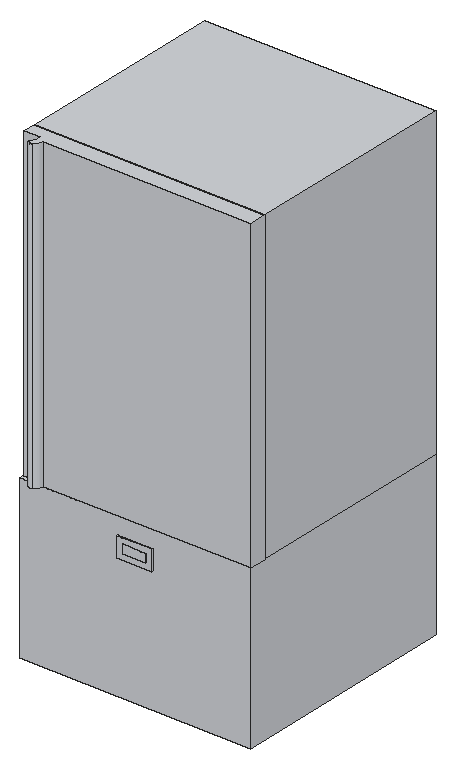
Revit family "Шкафы шоковой заморозки", category Оборудование, Revit 2020 (continued)
Automatic sketch dimensions
  curve 2334 to curve 2328 = 14.142 mm
  curve 2292 to curve 2286 = 14.142 mm
  curve 2304 to curve 2298 = 14.142 mm
  curve 2328 to curve 2322 = 14.142 mm
  curve 2304 to curve 2303 = 0.858 mm
  curve 2346 to curve 2345 = 0.858 mm
  curve 1659 to curve 2316 = 18.302 mm
  curve 2352 to curve 2351 = 0.858 mm
  curve 2388 to curve 2387 = 0.858 mm
  curve 2292 to curve 2291 = 0.858 mm
  curve 2310 to curve 2309 = 0.858 mm
  curve 2256 to curve 2255 = 0.858 mm
  curve 2280 to curve 2279 = 0.858 mm
  curve 2274 to curve 2268 = 14.142 mm
  curve 2358 to curve 2357 = 0.858 mm
  curve 2262 to curve 2261 = 0.858 mm
  curve 2364 to curve 2363 = 0.858 mm
  curve 2334 to curve 2333 = 0.858 mm
  curve 2394 to curve 1660 = 14.142 mm
  curve 1660 to curve 2394 = 4.16 mm
  curve 2376 to curve 2370 = 0 mm
  curve 2394 to curve 2393 = 0.858 mm
  Extrusion 10 sketch curve to plane 5 = 0 mm
  Extrusion 10 sketch curve to plane 9 = 0 mm
  Extrusion 10 sketch curve to plane 10 = 0 mm
  plane 4 to Extrusion 10 sketch curve = 77.505 mm
  plane 9 to Extrusion 10 sketch curve = 1.661 mm
  Extrusion 10 sketch curve to Extrusion 10 sketch curve = 28.977 mm
  Extrusion 10 sketch curve to plane 15 = 20 mm
  Extrusion 10 sketch curve to Extrusion 10 sketch curve = 5.907 mm
  Extrusion 10 sketch curve to Extrusion 10 sketch curve = 7.389 mm
  Extrusion 10 sketch curve to Extrusion 10 sketch curve = 9.093 mm
  plane 9 to Extrusion 10 sketch curve = 8 mm
  Extrusion 10 sketch curve to Extrusion 10 sketch curve = 21.778 mm
  Extrusion 10 sketch curve to Extrusion 10 sketch curve = 6.472 mm
  Extrusion 10 sketch curve to plane 4 = 0 mm
  curve 760 to Extrusion 2 = 37.264 mm
  curve 761 to curve 762 = 130.615 mm
  Extrusion 2 to curve 761 = 135.284 mm
  Extrusion 2 to curve 759 = 71.801 mm
  curve 646 to Extrusion 2 = 41.666 mm
  curve 760 to curve 686 = 4.402 mm
  curve 718 to Extrusion 2 = 41.666 mm
  curve 761 to curve 606 = 4.402 mm
  curve 750 to Extrusion 2 = 41.666 mm
  curve 734 to Extrusion 2 = 41.666 mm
  curve 646 to curve 638 = 0 mm
  curve 638 to curve 630 = 0 mm
  curve 670 to Extrusion 2 = 41.666 mm
  curve 654 to curve 646 = 0 mm
  curve 678 to curve 670 = 0 mm
  curve 686 to curve 694 = 0 mm
  curve 614 to curve 606 = 0 mm
  curve 694 to curve 702 = 0 mm
  curve 758 to curve 678 = 0 mm
  curve 662 to curve 654 = 0 mm
  curve 734 to curve 742 = 0 mm
  curve 718 to curve 726 = 0 mm
  curve 702 to curve 710 = 0 mm
  curve 622 to curve 614 = 0 mm
  curve 702 to curve 701 = 15 mm
  curve 622 to curve 621 = 15 mm
  curve 726 to curve 725 = 15 mm
  curve 614 to curve 613 = 15 mm
  curve 758 to curve 757 = 15 mm
  curve 694 to curve 693 = 15 mm
  curve 734 to curve 733 = 15 mm
  curve 630 to curve 629 = 15 mm
  curve 670 to curve 669 = 15 mm
  curve 654 to curve 653 = 15 mm
  curve 606 to curve 605 = 15 mm  (x2)
  curve 718 to curve 717 = 15 mm
  curve 750 to curve 749 = 15 mm
  curve 710 to curve 709 = 15 mm
  curve 638 to curve 637 = 15 mm
  curve 757 to curve 677 = 0 mm
  curve 646 to curve 645 = 15 mm
  curve 686 to curve 685 = 15 mm  (x2)
  curve 742 to curve 741 = 15 mm
  curve 662 to curve 661 = 15 mm
  curve 653 to curve 662 = 6.213 mm
  curve 733 to curve 742 = 6.213 mm
  curve 685 to curve 686 = 6.213 mm
  curve 637 to curve 646 = 6.213 mm
  curve 629 to curve 638 = 6.213 mm
  curve 701 to curve 710 = 6.213 mm
  curve 669 to curve 678 = 6.213 mm
  curve 709 to curve 718 = 6.213 mm
  curve 741 to curve 750 = 6.213 mm
  curve 605 to curve 606 = 6.213 mm
  curve 725 to curve 734 = 6.213 mm
  curve 645 to curve 654 = 6.213 mm
  curve 621 to curve 630 = 6.213 mm
  curve 661 to curve 670 = 6.213 mm
  curve 685 to curve 694 = 6.213 mm
  curve 605 to curve 614 = 6.213 mm
  curve 693 to curve 702 = 6.213 mm
  curve 613 to curve 622 = 6.213 mm
  curve 749 to curve 758 = 6.213 mm
  curve 717 to curve 726 = 6.213 mm
  curve 630 to curve 620 = 8.787 mm
  curve 670 to curve 660 = 8.787 mm
  curve 710 to curve 700 = 8.787 mm
  curve 622 to curve 612 = 8.787 mm
  curve 757 to curve 756 = 15 mm
  curve 734 to curve 724 = 8.787 mm
  curve 678 to curve 668 = 8.787 mm
  curve 742 to curve 732 = 8.787 mm
  curve 638 to curve 628 = 8.787 mm
  curve 702 to curve 692 = 8.787 mm
  curve 662 to curve 652 = 8.787 mm
  curve 718 to curve 708 = 8.787 mm
  curve 614 to curve 604 = 8.787 mm
  curve 756 to curve 676 = 0 mm
  curve 758 to curve 748 = 8.787 mm
  curve 646 to curve 636 = 8.787 mm
  curve 726 to curve 716 = 8.787 mm
  curve 750 to curve 740 = 8.787 mm
  curve 654 to curve 644 = 8.787 mm
  curve 694 to curve 684 = 8.787 mm
  curve 732 to curve 741 = 6.213 mm
  curve 716 to curve 725 = 6.213 mm
  curve 708 to curve 717 = 6.213 mm
  curve 668 to curve 677 = 6.213 mm
  curve 628 to curve 637 = 6.213 mm
  curve 612 to curve 621 = 6.213 mm
  curve 636 to curve 645 = 6.213 mm
  curve 740 to curve 749 = 6.213 mm
  curve 684 to curve 693 = 6.213 mm
  curve 660 to curve 669 = 6.213 mm
  curve 700 to curve 709 = 6.213 mm
  curve 604 to curve 613 = 6.213 mm
  curve 748 to curve 757 = 6.213 mm
  curve 652 to curve 661 = 6.213 mm
  curve 724 to curve 733 = 6.213 mm
  curve 692 to curve 701 = 6.213 mm
  curve 644 to curve 653 = 6.213 mm
  curve 620 to curve 629 = 6.213 mm
  curve 621 to curve 611 = 8.787 mm
  curve 669 to curve 659 = 8.787 mm
  curve 709 to curve 699 = 8.787 mm
  curve 741 to curve 731 = 8.787 mm
  curve 661 to curve 651 = 8.787 mm
  curve 717 to curve 707 = 8.787 mm
  curve 756 to curve 755 = 15 mm
  curve 677 to curve 667 = 8.787 mm
  curve 613 to curve 603 = 8.787 mm
  curve 701 to curve 691 = 8.787 mm
  curve 653 to curve 643 = 8.787 mm
  curve 629 to curve 619 = 8.787 mm
  curve 757 to curve 747 = 8.787 mm
  curve 725 to curve 715 = 8.787 mm
  curve 755 to curve 675 = 0 mm
  curve 749 to curve 739 = 8.787 mm
  curve 645 to curve 635 = 8.787 mm
  curve 693 to curve 683 = 8.787 mm
  curve 733 to curve 723 = 8.787 mm
  curve 637 to curve 627 = 8.787 mm
  curve 715 to curve 724 = 6.213 mm
  curve 627 to curve 636 = 6.213 mm
  curve 707 to curve 716 = 6.213 mm
  curve 611 to curve 620 = 6.213 mm
  curve 635 to curve 644 = 6.213 mm
  curve 699 to curve 708 = 6.213 mm
  curve 603 to curve 612 = 6.213 mm
  curve 747 to curve 756 = 6.213 mm
  curve 643 to curve 652 = 6.213 mm
  curve 723 to curve 732 = 6.213 mm
  curve 651 to curve 660 = 6.213 mm
  curve 691 to curve 700 = 6.213 mm
  curve 659 to curve 668 = 6.213 mm
  curve 605 to curve 604 = 15 mm
  curve 683 to curve 692 = 6.213 mm
  curve 739 to curve 748 = 6.213 mm
  curve 667 to curve 676 = 6.213 mm
  curve 731 to curve 740 = 6.213 mm
  curve 685 to curve 684 = 15 mm
  curve 619 to curve 628 = 6.213 mm
  curve 612 to curve 602 = 8.787 mm
  curve 716 to curve 706 = 8.787 mm
  curve 756 to curve 746 = 8.787 mm
  curve 700 to curve 690 = 8.787 mm
  curve 748 to curve 738 = 8.787 mm
  curve 620 to curve 610 = 8.787 mm
  curve 628 to curve 618 = 8.787 mm
  curve 692 to curve 682 = 8.787 mm
  curve 636 to curve 626 = 8.787 mm
  curve 675 to curve 674 = 15 mm
  curve 724 to curve 714 = 8.787 mm
  curve 754 to curve 674 = 0 mm
  curve 676 to curve 666 = 8.787 mm
  curve 740 to curve 730 = 8.787 mm
  curve 644 to curve 634 = 8.787 mm
  curve 652 to curve 642 = 8.787 mm
  curve 668 to curve 658 = 8.787 mm
  curve 732 to curve 722 = 8.787 mm
  curve 660 to curve 650 = 8.787 mm
  curve 708 to curve 698 = 8.787 mm
  curve 714 to curve 723 = 6.213 mm
  curve 634 to curve 643 = 6.213 mm
  curve 650 to curve 659 = 6.213 mm
  curve 626 to curve 635 = 6.213 mm
  curve 722 to curve 731 = 6.213 mm
  curve 746 to curve 755 = 6.213 mm
  curve 658 to curve 667 = 6.213 mm
  curve 706 to curve 715 = 6.213 mm
  curve 618 to curve 627 = 6.213 mm
  curve 666 to curve 675 = 6.213 mm
  curve 610 to curve 619 = 6.213 mm
  curve 684 to curve 683 = 15 mm
  curve 602 to curve 611 = 6.213 mm
  curve 738 to curve 747 = 6.213 mm
  curve 698 to curve 707 = 6.213 mm
  curve 604 to curve 603 = 15 mm
  curve 682 to curve 691 = 6.213 mm
  curve 642 to curve 651 = 6.213 mm
  curve 690 to curve 699 = 6.213 mm
  curve 730 to curve 739 = 6.213 mm
  curve 723 to curve 713 = 8.787 mm
  curve 715 to curve 705 = 8.787 mm
  curve 675 to curve 665 = 8.787 mm
  curve 611 to curve 601 = 8.787 mm
  curve 755 to curve 745 = 8.787 mm
  curve 674 to curve 673 = 15 mm
  curve 619 to curve 609 = 8.787 mm
  curve 747 to curve 737 = 8.787 mm
  curve 667 to curve 657 = 8.787 mm
  curve 707 to curve 697 = 8.787 mm
  curve 627 to curve 617 = 8.787 mm
  curve 731 to curve 721 = 8.787 mm
  curve 635 to curve 625 = 8.787 mm
  curve 659 to curve 649 = 8.787 mm
  curve 691 to curve 681 = 8.787 mm
  curve 753 to curve 673 = 0 mm
  curve 643 to curve 633 = 8.787 mm
  curve 651 to curve 641 = 8.787 mm
  curve 699 to curve 689 = 8.787 mm
  curve 739 to curve 729 = 8.787 mm
  curve 721 to curve 730 = 6.213 mm
  curve 745 to curve 754 = 6.213 mm
  curve 681 to curve 690 = 6.213 mm
  curve 697 to curve 706 = 6.213 mm
  curve 633 to curve 642 = 6.213 mm
  curve 683 to curve 682 = 15 mm
  curve 617 to curve 626 = 6.213 mm
  curve 641 to curve 650 = 6.213 mm
  curve 713 to curve 722 = 6.213 mm
  curve 609 to curve 618 = 6.213 mm
  curve 689 to curve 698 = 6.213 mm
  curve 729 to curve 738 = 6.213 mm
  curve 649 to curve 658 = 6.213 mm
  curve 601 to curve 610 = 6.213 mm
  curve 665 to curve 674 = 6.213 mm
  curve 737 to curve 746 = 6.213 mm
  curve 603 to curve 602 = 15 mm
  curve 657 to curve 666 = 6.213 mm
  curve 705 to curve 714 = 6.213 mm
  curve 625 to curve 634 = 6.213 mm
  curve 738 to curve 728 = 8.787 mm
  curve 618 to curve 608 = 8.787 mm
  curve 650 to curve 640 = 8.787 mm
  curve 610 to curve 600 = 8.787 mm
  curve 730 to curve 720 = 8.787 mm
  curve 698 to curve 688 = 8.787 mm
  curve 746 to curve 736 = 8.787 mm
  curve 673 to curve 672 = 15 mm
  curve 722 to curve 712 = 8.787 mm
  curve 674 to curve 664 = 8.787 mm
  curve 706 to curve 696 = 8.787 mm
  curve 642 to curve 632 = 8.787 mm
  curve 626 to curve 616 = 8.787 mm
  curve 658 to curve 648 = 8.787 mm
  curve 690 to curve 680 = 8.787 mm
  curve 752 to curve 672 = 0 mm
  curve 634 to curve 624 = 8.787 mm
  curve 714 to curve 704 = 8.787 mm
  curve 666 to curve 656 = 8.787 mm
  curve 754 to curve 744 = 8.787 mm
  curve 616 to curve 625 = 6.213 mm
  curve 696 to curve 705 = 6.213 mm
  curve 744 to curve 753 = 6.213 mm
  curve 712 to curve 721 = 6.213 mm
  curve 736 to curve 745 = 6.213 mm
  curve 682 to curve 681 = 15 mm
  curve 640 to curve 649 = 6.213 mm
  curve 608 to curve 617 = 6.213 mm
  curve 664 to curve 673 = 6.213 mm
  curve 624 to curve 633 = 6.213 mm
  curve 704 to curve 713 = 6.213 mm
  curve 656 to curve 665 = 6.213 mm
  curve 688 to curve 697 = 6.213 mm
  curve 680 to curve 689 = 6.213 mm
  curve 602 to curve 601 = 15 mm
  curve 728 to curve 737 = 6.213 mm
  curve 632 to curve 641 = 6.213 mm
  curve 600 to curve 609 = 6.213 mm
  curve 648 to curve 657 = 6.213 mm
  curve 720 to curve 729 = 6.213 mm
  curve 633 to curve 623 = 8.787 mm
  curve 672 to curve 671 = 15 mm
  curve 649 to curve 639 = 8.787 mm
  curve 697 to curve 687 = 8.787 mm
  curve 609 to curve 599 = 8.787 mm
  curve 729 to curve 719 = 8.787 mm
  curve 737 to curve 727 = 8.787 mm
  curve 753 to curve 743 = 8.787 mm
  curve 657 to curve 647 = 8.787 mm
  curve 721 to curve 711 = 8.787 mm
  curve 673 to curve 663 = 8.787 mm
  curve 641 to curve 631 = 8.787 mm
  curve 625 to curve 615 = 8.787 mm
  curve 713 to curve 703 = 8.787 mm
  curve 705 to curve 695 = 8.787 mm
  curve 745 to curve 735 = 8.787 mm
  curve 689 to curve 679 = 8.787 mm
  curve 617 to curve 607 = 8.787 mm
  curve 751 to curve 671 = 0 mm
  curve 665 to curve 655 = 8.787 mm
  curve 615 to curve 624 = 6.213 mm
  curve 647 to curve 656 = 6.213 mm
  curve 743 to curve 752 = 6.213 mm
  curve 680 to curve 679 = 15 mm
  curve 727 to curve 736 = 6.213 mm
  curve 639 to curve 648 = 6.213 mm
  curve 687 to curve 696 = 6.213 mm
  curve 607 to curve 616 = 6.213 mm
  curve 695 to curve 704 = 6.213 mm
  curve 623 to curve 632 = 6.213 mm
  curve 735 to curve 744 = 6.213 mm
  curve 655 to curve 664 = 6.213 mm
  curve 679 to curve 688 = 6.213 mm
  curve 719 to curve 728 = 6.213 mm
  curve 703 to curve 712 = 6.213 mm
  curve 711 to curve 720 = 6.213 mm
  curve 601 to curve 600 = 15 mm
  curve 599 to curve 608 = 6.213 mm
  curve 631 to curve 640 = 6.213 mm
  curve 663 to curve 672 = 6.213 mm
  curve 759 to curve 599 = 0 mm
  curve 605 to curve 761 = 1.811 mm
  curve 602 to curve 605 = 0 mm
  curve 603 to curve 602 = 0 mm
  curve 601 to curve 602 = 0 mm
  curve 606 to curve 605 = 0 mm  (x2)
  curve 600 to curve 601 = 0 mm
  curve 604 to curve 603 = 0 mm
  curve 599 to curve 759 = 1.811 mm
  curve 605 to curve 604 = 21.213 mm
  curve 605 to curve 604 = 0 mm
  curve 603 to curve 604 = 0 mm
  curve 601 to curve 600 = 21.213 mm
  curve 601 to curve 600 = 0 mm
  curve 599 to curve 600 = 0 mm
  curve 602 to curve 601 = 0 mm
  curve 600 to curve 609 = 8.787 mm
  curve 599 to curve 608 = 8.787 mm
  curve 601 to curve 610 = 8.787 mm
  curve 607 to curve 608 = 0 mm  (x2)
  curve 602 to curve 611 = 8.787 mm
  curve 605 to curve 614 = 8.787 mm
  curve 603 to curve 612 = 8.787 mm
  curve 604 to curve 613 = 8.787 mm
  curve 613 to curve 612 = 21.213 mm
  curve 613 to curve 612 = 0 mm
  curve 611 to curve 612 = 0 mm
  curve 614 to curve 613 = 0 mm
  curve 610 to curve 611 = 0 mm
  curve 609 to curve 608 = 21.213 mm
  curve 609 to curve 610 = 0 mm
  curve 608 to curve 617 = 8.787 mm
  curve 607 to curve 616 = 8.787 mm
  curve 609 to curve 618 = 8.787 mm
  curve 613 to curve 622 = 8.787 mm
  curve 610 to curve 619 = 8.787 mm
  curve 612 to curve 621 = 8.787 mm
  curve 611 to curve 620 = 8.787 mm
  curve 615 to curve 616 = 0 mm  (x2)
  curve 622 to curve 621 = 21.213 mm
  curve 619 to curve 618 = 21.213 mm
  curve 622 to curve 621 = 0 mm
  curve 617 to curve 618 = 0 mm
  curve 616 to curve 617 = 0 mm
  curve 620 to curve 621 = 0 mm
  curve 619 to curve 620 = 0 mm
  curve 616 to curve 625 = 8.787 mm
  curve 615 to curve 624 = 8.787 mm
  curve 617 to curve 626 = 8.787 mm
  curve 621 to curve 630 = 8.787 mm
  curve 618 to curve 627 = 8.787 mm
  curve 620 to curve 629 = 8.787 mm
  curve 619 to curve 628 = 8.787 mm
  curve 623 to curve 624 = 0 mm  (x2)
  curve 630 to curve 629 = 21.213 mm
  curve 627 to curve 626 = 21.213 mm
  curve 630 to curve 629 = 0 mm
  curve 625 to curve 626 = 0 mm
  curve 628 to curve 629 = 0 mm
  curve 627 to curve 628 = 0 mm
  curve 624 to curve 625 = 0 mm
  curve 623 to curve 631 = 8.787 mm
  curve 623 to curve 632 = 8.787 mm
  curve 625 to curve 634 = 8.787 mm
  curve 629 to curve 638 = 8.787 mm
  curve 626 to curve 635 = 8.787 mm
  curve 628 to curve 637 = 8.787 mm
  curve 627 to curve 636 = 8.787 mm
  curve 624 to curve 633 = 8.787 mm
  curve 636 to curve 635 = 21.213 mm
  curve 638 to curve 637 = 21.213 mm
  curve 634 to curve 635 = 0 mm
  curve 638 to curve 637 = 0 mm
  curve 632 to curve 631 = 21.213 mm
  curve 632 to curve 631 = 0 mm
  curve 633 to curve 634 = 0 mm
  curve 636 to curve 635 = 0 mm
  curve 632 to curve 641 = 8.787 mm
  curve 631 to curve 639 = 8.787 mm
  curve 633 to curve 642 = 8.787 mm
  curve 637 to curve 646 = 8.787 mm
  curve 634 to curve 643 = 8.787 mm
  curve 636 to curve 645 = 8.787 mm
  curve 635 to curve 644 = 8.787 mm
  curve 631 to curve 640 = 8.787 mm
  curve 646 to curve 645 = 21.213 mm
  curve 643 to curve 642 = 21.213 mm
  curve 641 to curve 640 = 21.213 mm
  curve 641 to curve 642 = 0 mm
  curve 639 to curve 640 = 0 mm
  curve 644 to curve 645 = 0 mm
  curve 643 to curve 644 = 0 mm
  curve 646 to curve 645 = 0 mm
  curve 644 to curve 653 = 8.787 mm
  curve 639 to curve 647 = 8.787 mm
  curve 641 to curve 650 = 8.787 mm
  curve 639 to curve 648 = 8.787 mm
  curve 642 to curve 651 = 8.787 mm
  curve 645 to curve 654 = 8.787 mm
  curve 643 to curve 652 = 8.787 mm
  curve 640 to curve 649 = 8.787 mm
  curve 654 to curve 653 = 21.213 mm
  curve 652 to curve 651 = 21.213 mm
  curve 654 to curve 653 = 0 mm
  curve 650 to curve 651 = 0 mm
  curve 648 to curve 647 = 21.213 mm
  curve 649 to curve 650 = 0 mm
  curve 648 to curve 647 = 0 mm
  curve 652 to curve 651 = 0 mm
  curve 648 to curve 657 = 8.787 mm
  curve 647 to curve 656 = 8.787 mm
  curve 649 to curve 658 = 8.787 mm
  curve 653 to curve 662 = 8.787 mm
  curve 650 to curve 659 = 8.787 mm
  curve 652 to curve 661 = 8.787 mm
  curve 651 to curve 660 = 8.787 mm
  curve 655 to curve 656 = 0 mm  (x2)
  curve 662 to curve 661 = 21.213 mm
  curve 659 to curve 658 = 21.213 mm
  curve 662 to curve 661 = 0 mm
  curve 657 to curve 658 = 0 mm
  curve 660 to curve 661 = 0 mm
  curve 659 to curve 660 = 0 mm
  curve 656 to curve 657 = 0 mm
  curve 656 to curve 665 = 8.787 mm
  curve 655 to curve 663 = 8.787 mm
  curve 657 to curve 666 = 8.787 mm
  curve 655 to curve 664 = 8.787 mm
  curve 658 to curve 667 = 8.787 mm
  curve 660 to curve 669 = 8.787 mm
  curve 659 to curve 668 = 8.787 mm
  curve 661 to curve 670 = 8.787 mm
  curve 665 to curve 664 = 21.213 mm
  curve 670 to curve 669 = 21.213 mm
  curve 668 to curve 669 = 0 mm
  curve 670 to curve 669 = 0 mm
  curve 667 to curve 668 = 0 mm
  curve 665 to curve 664 = 0 mm
  curve 663 to curve 664 = 0 mm
  curve 666 to curve 665 = 0 mm
  curve 663 to curve 671 = 8.787 mm
  curve 663 to curve 672 = 8.787 mm
  curve 665 to curve 674 = 8.787 mm
  curve 669 to curve 678 = 8.787 mm
  curve 666 to curve 675 = 8.787 mm
  curve 668 to curve 677 = 8.787 mm
  curve 667 to curve 676 = 8.787 mm
  curve 664 to curve 673 = 8.787 mm
  curve 676 to curve 675 = 21.213 mm
  curve 678 to curve 677 = 21.213 mm
  curve 674 to curve 675 = 0 mm
  curve 678 to curve 677 = 0 mm
  curve 673 to curve 674 = 0 mm
  curve 672 to curve 673 = 0 mm
  curve 671 to curve 672 = 0 mm
  curve 676 to curve 677 = 0 mm
  curve 671 to curve 751 = 12.3 mm
  curve 674 to curve 754 = 12.3 mm
  curve 678 to curve 758 = 12.3 mm
  curve 676 to curve 756 = 12.3 mm
  curve 673 to curve 753 = 12.3 mm
  curve 675 to curve 755 = 12.3 mm
  curve 677 to curve 757 = 12.3 mm
  curve 672 to curve 752 = 12.3 mm
  curve 757 to curve 758 = 21.213 mm
  curve 755 to curve 756 = 21.213 mm
  curve 752 to curve 753 = 21.213 mm
  curve 757 to curve 756 = 0 mm
  curve 754 to curve 753 = 0 mm
  curve 752 to curve 753 = 0 mm
  curve 755 to curve 756 = 0 mm
  curve 751 to curve 752 = 0 mm
  curve 752 to curve 743 = 8.787 mm
  curve 758 to curve 750 = 8.787 mm
  curve 754 to curve 745 = 8.787 mm
  curve 758 to curve 749 = 8.787 mm
  curve 755 to curve 746 = 8.787 mm
  curve 757 to curve 748 = 8.787 mm
  curve 756 to curve 747 = 8.787 mm
  curve 753 to curve 744 = 8.787 mm
  curve 748 to curve 749 = 21.213 mm
  curve 745 to curve 746 = 21.213 mm
  curve 750 to curve 749 = 0 mm
  curve 745 to curve 746 = 0 mm
  curve 747 to curve 746 = 0 mm
  curve 748 to curve 747 = 0 mm
  curve 744 to curve 745 = 0 mm
  curve 743 to curve 744 = 0 mm
  curve 748 to curve 739 = 8.787 mm
  curve 750 to curve 742 = 8.787 mm
  curve 746 to curve 737 = 8.787 mm
  curve 750 to curve 741 = 8.787 mm
  curve 747 to curve 738 = 8.787 mm
  curve 749 to curve 740 = 8.787 mm
  curve 744 to curve 735 = 8.787 mm
  curve 745 to curve 736 = 8.787 mm
  curve 740 to curve 741 = 21.213 mm
  curve 737 to curve 738 = 21.213 mm
  curve 742 to curve 741 = 0 mm
  curve 737 to curve 738 = 0 mm
  curve 739 to curve 738 = 0 mm
  curve 740 to curve 739 = 0 mm
  curve 736 to curve 737 = 0 mm
  curve 735 to curve 736 = 0 mm
  curve 736 to curve 727 = 8.787 mm
  curve 742 to curve 734 = 8.787 mm
  curve 737 to curve 728 = 8.787 mm
  curve 742 to curve 733 = 8.787 mm
  curve 738 to curve 729 = 8.787 mm
  curve 741 to curve 732 = 8.787 mm
  curve 739 to curve 730 = 8.787 mm
  curve 740 to curve 731 = 8.787 mm
  curve 731 to curve 732 = 21.213 mm
  curve 729 to curve 730 = 21.213 mm
  curve 733 to curve 732 = 0 mm
  curve 729 to curve 730 = 0 mm
  curve 734 to curve 733 = 0 mm
  curve 728 to curve 729 = 0 mm
  curve 727 to curve 728 = 0 mm
  curve 731 to curve 732 = 0 mm
  curve 731 to curve 722 = 8.787 mm
  curve 734 to curve 726 = 8.787 mm
  curve 734 to curve 725 = 8.787 mm
  curve 733 to curve 724 = 8.787 mm
  curve 732 to curve 723 = 8.787 mm
  curve 730 to curve 721 = 8.787 mm
  curve 729 to curve 720 = 8.787 mm
  curve 728 to curve 719 = 8.787 mm
  curve 722 to curve 723 = 21.213 mm
  curve 724 to curve 725 = 21.213 mm
  curve 722 to curve 723 = 0 mm
  curve 721 to curve 722 = 0 mm
  curve 719 to curve 719 = 21.213 mm
  curve 726 to curve 725 = 0 mm
  curve 720 to curve 719 = 0 mm
  curve 724 to curve 723 = 0 mm
  curve 724 to curve 715 = 8.787 mm
  curve 722 to curve 713 = 8.787 mm
  curve 720 to curve 711 = 8.787 mm
  curve 726 to curve 717 = 8.787 mm
  curve 723 to curve 714 = 8.787 mm
  curve 718 to curve 717 = 0 mm
  curve 725 to curve 716 = 8.787 mm
  curve 721 to curve 712 = 8.787 mm
  curve 713 to curve 714 = 21.213 mm
  curve 715 to curve 716 = 21.213 mm
  curve 717 to curve 718 = 21.213 mm
  curve 713 to curve 714 = 0 mm
  curve 717 to curve 716 = 0 mm
  curve 715 to curve 716 = 0 mm
  curve 712 to curve 713 = 0 mm
  curve 711 to curve 712 = 0 mm
  curve 712 to curve 703 = 8.787 mm
  curve 718 to curve 710 = 8.787 mm
  curve 713 to curve 704 = 8.787 mm
  curve 718 to curve 709 = 8.787 mm
  curve 714 to curve 705 = 8.787 mm
  curve 717 to curve 708 = 8.787 mm
  curve 715 to curve 706 = 8.787 mm
  curve 716 to curve 707 = 8.787 mm
  curve 706 to curve 707 = 21.213 mm
  curve 708 to curve 707 = 0 mm
  curve 706 to curve 707 = 0 mm
  curve 709 to curve 708 = 0 mm
  curve 705 to curve 706 = 0 mm
  curve 710 to curve 709 = 0 mm
  curve 704 to curve 705 = 0 mm
  curve 703 to curve 704 = 0 mm
  curve 704 to curve 695 = 8.787 mm
  curve 710 to curve 702 = 8.787 mm
  curve 705 to curve 696 = 8.787 mm
  curve 710 to curve 701 = 8.787 mm
  curve 706 to curve 697 = 8.787 mm
  curve 709 to curve 700 = 8.787 mm
  curve 707 to curve 698 = 8.787 mm
  curve 708 to curve 699 = 8.787 mm
  curve 698 to curve 699 = 21.213 mm
  curve 700 to curve 699 = 0 mm
  curve 698 to curve 699 = 0 mm
  curve 701 to curve 700 = 0 mm
  curve 697 to curve 698 = 0 mm
  curve 702 to curve 701 = 0 mm
  curve 696 to curve 697 = 0 mm
  curve 695 to curve 696 = 0 mm
  curve 697 to curve 688 = 8.787 mm
  curve 702 to curve 694 = 8.787 mm
  curve 698 to curve 689 = 8.787 mm
  curve 702 to curve 693 = 8.787 mm
  curve 699 to curve 690 = 8.787 mm
  curve 701 to curve 692 = 8.787 mm
  curve 700 to curve 691 = 8.787 mm
  curve 696 to curve 687 = 8.787 mm
  curve 692 to curve 693 = 21.213 mm
  curve 689 to curve 690 = 21.213 mm
  curve 694 to curve 693 = 0 mm
  curve 689 to curve 690 = 0 mm
  curve 688 to curve 689 = 0 mm
  curve 691 to curve 690 = 0 mm
  curve 692 to curve 691 = 0 mm
  curve 687 to curve 688 = 0 mm
  curve 694 to curve 685 = 8.787 mm
  curve 693 to curve 684 = 8.787 mm
  curve 690 to curve 681 = 8.787 mm
  curve 689 to curve 680 = 8.787 mm
  curve 688 to curve 679 = 8.787 mm
  curve 691 to curve 682 = 8.787 mm
  curve 686 to curve 685 = 0 mm
  curve 692 to curve 683 = 8.787 mm
  curve 3003 to Extrusion 6 = 37.264 mm
  curve 3001 to curve 3084 = 256.23 mm
  Extrusion 6 to curve 3164 = 666.528 mm
  Extrusion 6 to curve 3003 = 664.716 mm
  curve 3003 to curve 3084 = 592.916 mm
  curve 2864 to Extrusion 6 = 41.666 mm
  curve 3000 to Extrusion 6 = 41.666 mm
  curve 2896 to Extrusion 6 = 41.666 mm
  curve 2984 to Extrusion 6 = 41.666 mm
  curve 2896 to curve 2888 = 0 mm
  curve 3000 to curve 2920 = 0 mm
  curve 2920 to curve 2912 = 0 mm
  curve 2960 to Extrusion 6 = 41.666 mm
  curve 2864 to curve 2856 = 0 mm
  curve 2872 to curve 2864 = 0 mm
  curve 2960 to curve 2968 = 0 mm
  curve 3002 to curve 2848 = 4.402 mm
  curve 2968 to curve 2976 = 0 mm
  curve 2952 to curve 2960 = 0 mm
  curve 2888 to curve 2880 = 0 mm
  curve 3001 to curve 2928 = 4.402 mm
  curve 2944 to curve 2952 = 0 mm
  curve 2928 to curve 2936 = 0 mm
  curve 2992 to curve 3000 = 0 mm
  curve 2904 to curve 2896 = 0 mm
  curve 2928 to curve 2927 = 15 mm  (x2)
  curve 2904 to curve 2903 = 15 mm
  curve 2976 to curve 2975 = 15 mm
  curve 3000 to curve 2999 = 15 mm
  curve 2952 to curve 2951 = 15 mm
  curve 2856 to curve 2855 = 15 mm
  curve 2848 to curve 2847 = 15 mm  (x2)
  curve 2960 to curve 2959 = 15 mm
  curve 2872 to curve 2871 = 15 mm
  curve 2992 to curve 2991 = 15 mm
  curve 2912 to curve 2911 = 15 mm
  curve 2888 to curve 2887 = 15 mm
  curve 2936 to curve 2935 = 15 mm
  curve 2896 to curve 2895 = 15 mm
  curve 2999 to curve 2919 = 0 mm
  curve 2968 to curve 2967 = 15 mm
  curve 2880 to curve 2879 = 15 mm
  curve 2944 to curve 2943 = 15 mm
  curve 2984 to curve 2983 = 15 mm
  curve 2864 to curve 2863 = 15 mm
  curve 2847 to curve 2856 = 6.213 mm
  curve 2871 to curve 2880 = 6.213 mm
  curve 2855 to curve 2864 = 6.213 mm
  curve 2935 to curve 2944 = 6.213 mm
  curve 2927 to curve 2928 = 6.213 mm
  curve 2887 to curve 2896 = 6.213 mm
  curve 2975 to curve 2984 = 6.213 mm
  curve 2911 to curve 2920 = 6.213 mm
  curve 2991 to curve 3000 = 6.213 mm
  curve 2959 to curve 2968 = 6.213 mm
  curve 2895 to curve 2904 = 6.213 mm
  curve 2903 to curve 2912 = 6.213 mm
  curve 2943 to curve 2952 = 6.213 mm
  curve 2951 to curve 2960 = 6.213 mm
  curve 2967 to curve 2976 = 6.213 mm
  curve 2927 to curve 2936 = 6.213 mm
  curve 2879 to curve 2888 = 6.213 mm
  curve 2983 to curve 2992 = 6.213 mm
  curve 2863 to curve 2872 = 6.213 mm
  curve 2847 to curve 2848 = 6.213 mm
  curve 2960 to curve 2950 = 8.787 mm
  curve 2880 to curve 2870 = 8.787 mm
  curve 2896 to curve 2886 = 8.787 mm
  curve 2864 to curve 2854 = 8.787 mm
  curve 2920 to curve 2910 = 8.787 mm
  curve 2856 to curve 2846 = 8.787 mm
  curve 2944 to curve 2934 = 8.787 mm
  curve 2976 to curve 2966 = 8.787 mm
  curve 2952 to curve 2942 = 8.787 mm
  curve 2904 to curve 2894 = 8.787 mm
  curve 3000 to curve 2990 = 8.787 mm
  curve 2888 to curve 2878 = 8.787 mm
  curve 2992 to curve 2982 = 8.787 mm
  curve 2919 to curve 2918 = 15 mm
  curve 2872 to curve 2862 = 8.787 mm
  curve 2998 to curve 2918 = 0 mm
  curve 2984 to curve 2974 = 8.787 mm
  curve 2936 to curve 2926 = 8.787 mm
  curve 2968 to curve 2958 = 8.787 mm
  curve 2912 to curve 2902 = 8.787 mm
  curve 2894 to curve 2903 = 6.213 mm
  curve 2990 to curve 2999 = 6.213 mm
  curve 2870 to curve 2879 = 6.213 mm
  curve 2950 to curve 2959 = 6.213 mm
  curve 2966 to curve 2975 = 6.213 mm
  curve 2934 to curve 2943 = 6.213 mm
  curve 2846 to curve 2855 = 6.213 mm
  curve 2878 to curve 2887 = 6.213 mm
  curve 2942 to curve 2951 = 6.213 mm
  curve 2862 to curve 2871 = 6.213 mm
  curve 2926 to curve 2935 = 6.213 mm
  curve 2902 to curve 2911 = 6.213 mm
  curve 2958 to curve 2967 = 6.213 mm
  curve 2982 to curve 2991 = 6.213 mm
  curve 2974 to curve 2983 = 6.213 mm
  curve 2910 to curve 2919 = 6.213 mm
  curve 2854 to curve 2863 = 6.213 mm
  curve 2886 to curve 2895 = 6.213 mm
  curve 2991 to curve 2981 = 8.787 mm
  curve 2903 to curve 2893 = 8.787 mm
  curve 2863 to curve 2853 = 8.787 mm
  curve 2999 to curve 2989 = 8.787 mm
  curve 2918 to curve 2917 = 15 mm
  curve 2943 to curve 2933 = 8.787 mm
  curve 2975 to curve 2965 = 8.787 mm
  curve 2935 to curve 2925 = 8.787 mm
  curve 2871 to curve 2861 = 8.787 mm
  curve 2895 to curve 2885 = 8.787 mm
  curve 2959 to curve 2949 = 8.787 mm
  curve 2879 to curve 2869 = 8.787 mm
  curve 2919 to curve 2909 = 8.787 mm
  curve 2951 to curve 2941 = 8.787 mm
  curve 2967 to curve 2957 = 8.787 mm
  curve 2997 to curve 2917 = 0 mm
  curve 2887 to curve 2877 = 8.787 mm
  curve 2911 to curve 2901 = 8.787 mm
  curve 2983 to curve 2973 = 8.787 mm
  curve 2855 to curve 2845 = 8.787 mm
  curve 2893 to curve 2902 = 6.213 mm
  curve 2965 to curve 2974 = 6.213 mm
  curve 2869 to curve 2878 = 6.213 mm
  curve 2933 to curve 2942 = 6.213 mm
  curve 2847 to curve 2846 = 15 mm
  curve 2885 to curve 2894 = 6.213 mm
  curve 2989 to curve 2998 = 6.213 mm
  curve 2845 to curve 2854 = 6.213 mm
  curve 2981 to curve 2990 = 6.213 mm
  curve 2909 to curve 2918 = 6.213 mm
  curve 2949 to curve 2958 = 6.213 mm
  curve 2957 to curve 2966 = 6.213 mm
  curve 2877 to curve 2886 = 6.213 mm
  curve 2853 to curve 2862 = 6.213 mm
  curve 2901 to curve 2910 = 6.213 mm
  curve 2861 to curve 2870 = 6.213 mm
  curve 2927 to curve 2926 = 15 mm
  curve 2925 to curve 2934 = 6.213 mm
  curve 2941 to curve 2950 = 6.213 mm
  curve 2973 to curve 2982 = 6.213 mm
  curve 2878 to curve 2868 = 8.787 mm
  curve 2862 to curve 2852 = 8.787 mm
  curve 2894 to curve 2884 = 8.787 mm
  curve 2958 to curve 2948 = 8.787 mm
  curve 2998 to curve 2988 = 8.787 mm
  curve 2982 to curve 2972 = 8.787 mm
  curve 2997 to curve 2996 = 15 mm
  curve 2996 to curve 2916 = 0 mm
  curve 2918 to curve 2908 = 8.787 mm
  curve 2974 to curve 2964 = 8.787 mm
  curve 2910 to curve 2900 = 8.787 mm
  curve 2934 to curve 2924 = 8.787 mm
  curve 2870 to curve 2860 = 8.787 mm
  curve 2950 to curve 2940 = 8.787 mm
  curve 2902 to curve 2892 = 8.787 mm
  curve 2990 to curve 2980 = 8.787 mm
  curve 2886 to curve 2876 = 8.787 mm
  curve 2966 to curve 2956 = 8.787 mm
  curve 2854 to curve 2844 = 8.787 mm
  curve 2942 to curve 2932 = 8.787 mm
  curve 2932 to curve 2941 = 6.213 mm
  curve 2980 to curve 2989 = 6.213 mm
  curve 2844 to curve 2853 = 6.213 mm
  curve 2852 to curve 2861 = 6.213 mm
  curve 2926 to curve 2925 = 15 mm
  curve 2908 to curve 2917 = 6.213 mm
  curve 2940 to curve 2949 = 6.213 mm
  curve 2860 to curve 2869 = 6.213 mm
  curve 2988 to curve 2997 = 6.213 mm
  curve 2900 to curve 2909 = 6.213 mm
  curve 2972 to curve 2981 = 6.213 mm
  curve 2868 to curve 2877 = 6.213 mm
  curve 2948 to curve 2957 = 6.213 mm
  curve 2964 to curve 2973 = 6.213 mm
  curve 2846 to curve 2845 = 15 mm
  curve 2892 to curve 2901 = 6.213 mm
  curve 2876 to curve 2885 = 6.213 mm
  curve 2956 to curve 2965 = 6.213 mm
  curve 2924 to curve 2933 = 6.213 mm
  curve 2884 to curve 2893 = 6.213 mm
  curve 2957 to curve 2947 = 8.787 mm
  curve 2941 to curve 2931 = 8.787 mm
  curve 2901 to curve 2891 = 8.787 mm
  curve 2893 to curve 2883 = 8.787 mm
  curve 2853 to curve 2843 = 8.787 mm
  curve 2909 to curve 2899 = 8.787 mm
  curve 2981 to curve 2971 = 8.787 mm
  curve 2965 to curve 2955 = 8.787 mm
  curve 2861 to curve 2851 = 8.787 mm
  curve 2885 to curve 2875 = 8.787 mm
  curve 2996 to curve 2995 = 15 mm
  curve 2917 to curve 2907 = 8.787 mm
  curve 2989 to curve 2979 = 8.787 mm
  curve 2949 to curve 2939 = 8.787 mm
  curve 2973 to curve 2963 = 8.787 mm
  curve 2933 to curve 2923 = 8.787 mm
  curve 2877 to curve 2867 = 8.787 mm
  curve 2997 to curve 2987 = 8.787 mm
  curve 2995 to curve 2915 = 0 mm
  curve 2869 to curve 2859 = 8.787 mm
  curve 2851 to curve 2860 = 6.213 mm
  curve 2907 to curve 2916 = 6.213 mm
  curve 2955 to curve 2964 = 6.213 mm
  curve 2979 to curve 2988 = 6.213 mm
  curve 2883 to curve 2892 = 6.213 mm
  curve 2875 to curve 2884 = 6.213 mm
  curve 2845 to curve 2844 = 15 mm
  curve 2891 to curve 2900 = 6.213 mm
  curve 2843 to curve 2852 = 6.213 mm
  curve 2931 to curve 2940 = 6.213 mm
  curve 2939 to curve 2948 = 6.213 mm
  curve 2947 to curve 2956 = 6.213 mm
  curve 2859 to curve 2868 = 6.213 mm
  curve 2971 to curve 2980 = 6.213 mm
  curve 2925 to curve 2924 = 15 mm
  curve 2899 to curve 2908 = 6.213 mm
  curve 2963 to curve 2972 = 6.213 mm
  curve 2867 to curve 2876 = 6.213 mm
  curve 2987 to curve 2996 = 6.213 mm
  curve 2923 to curve 2932 = 6.213 mm
  curve 2916 to curve 2906 = 8.787 mm
  curve 2988 to curve 2978 = 8.787 mm
  curve 2892 to curve 2882 = 8.787 mm
  curve 2964 to curve 2954 = 8.787 mm
  curve 2948 to curve 2938 = 8.787 mm
  curve 2995 to curve 2994 = 15 mm
  curve 2994 to curve 2914 = 0 mm
  curve 2860 to curve 2850 = 8.787 mm
  curve 2980 to curve 2970 = 8.787 mm
  curve 2956 to curve 2946 = 8.787 mm
  curve 2876 to curve 2866 = 8.787 mm
  curve 2940 to curve 2930 = 8.787 mm
  curve 2908 to curve 2898 = 8.787 mm
  curve 2996 to curve 2986 = 8.787 mm
  curve 2900 to curve 2890 = 8.787 mm
  curve 2852 to curve 2842 = 8.787 mm
  curve 2932 to curve 2922 = 8.787 mm
  curve 2868 to curve 2858 = 8.787 mm
  curve 2884 to curve 2874 = 8.787 mm
  curve 2972 to curve 2962 = 8.787 mm
  curve 2954 to curve 2963 = 6.213 mm
  curve 2922 to curve 2931 = 6.213 mm
  curve 2844 to curve 2843 = 15 mm
  curve 2842 to curve 2851 = 6.213 mm
  curve 2986 to curve 2995 = 6.213 mm
  curve 2882 to curve 2891 = 6.213 mm
  curve 2930 to curve 2939 = 6.213 mm
  curve 2924 to curve 2923 = 15 mm
  curve 2850 to curve 2859 = 6.213 mm
  curve 2906 to curve 2915 = 6.213 mm
  curve 2978 to curve 2987 = 6.213 mm
  curve 2890 to curve 2899 = 6.213 mm
  curve 2858 to curve 2867 = 6.213 mm
  curve 2938 to curve 2947 = 6.213 mm
  curve 2970 to curve 2979 = 6.213 mm
  curve 2898 to curve 2907 = 6.213 mm
  curve 2962 to curve 2971 = 6.213 mm
  curve 2866 to curve 2875 = 6.213 mm
  curve 2946 to curve 2955 = 6.213 mm
  curve 2874 to curve 2883 = 6.213 mm
  curve 2979 to curve 2969 = 8.787 mm
  curve 2867 to curve 2857 = 8.787 mm
  curve 2891 to curve 2881 = 8.787 mm
  curve 2899 to curve 2889 = 8.787 mm
  curve 2963 to curve 2953 = 8.787 mm
  curve 2971 to curve 2961 = 8.787 mm
  curve 2915 to curve 2905 = 8.787 mm
  curve 2931 to curve 2921 = 8.787 mm
  curve 2907 to curve 2897 = 8.787 mm
  curve 2987 to curve 2977 = 8.787 mm
  curve 2955 to curve 2945 = 8.787 mm
  curve 2939 to curve 2929 = 8.787 mm
  curve 2995 to curve 2985 = 8.787 mm
  curve 2859 to curve 2849 = 8.787 mm
  curve 2914 to curve 2913 = 15 mm
  curve 2947 to curve 2937 = 8.787 mm
  curve 2883 to curve 2873 = 8.787 mm
  curve 2875 to curve 2865 = 8.787 mm
  curve 2851 to curve 2841 = 8.787 mm
  curve 2993 to curve 2913 = 0 mm
  curve 2905 to curve 2914 = 6.213 mm
  curve 2937 to curve 2946 = 6.213 mm
  curve 2857 to curve 2866 = 6.213 mm
  curve 2841 to curve 2850 = 6.213 mm
  curve 2865 to curve 2874 = 6.213 mm
  curve 2961 to curve 2970 = 6.213 mm
  curve 2977 to curve 2986 = 6.213 mm
  curve 2969 to curve 2978 = 6.213 mm
  curve 2889 to curve 2898 = 6.213 mm
  curve 2929 to curve 2938 = 6.213 mm
  curve 2843 to curve 2842 = 15 mm
  curve 2921 to curve 2930 = 6.213 mm
  curve 2985 to curve 2994 = 6.213 mm
  curve 2897 to curve 2906 = 6.213 mm
  curve 2953 to curve 2962 = 6.213 mm
  curve 2923 to curve 2922 = 15 mm
  curve 2849 to curve 2858 = 6.213 mm
  curve 2873 to curve 2882 = 6.213 mm
  curve 2945 to curve 2954 = 6.213 mm
  curve 2881 to curve 2890 = 6.213 mm
  curve 2858 to curve 3019 = 14.402 mm
  curve 2954 to curve 3115 = 14.402 mm
  curve 2946 to curve 3107 = 14.402 mm
  curve 2938 to curve 3099 = 14.402 mm
  curve 2994 to curve 3155 = 14.402 mm
  curve 2913 to curve 3083 = 20.615 mm
  curve 2914 to curve 3075 = 14.402 mm
  curve 2962 to curve 3123 = 14.402 mm
  curve 2970 to curve 3131 = 14.402 mm
  curve 2978 to curve 3139 = 14.402 mm
  curve 2906 to curve 3067 = 14.402 mm
  curve 2898 to curve 3059 = 14.402 mm
  curve 2890 to curve 3051 = 14.402 mm
  curve 2986 to curve 3147 = 14.402 mm
  curve 2882 to curve 3043 = 14.402 mm
  curve 2874 to curve 3035 = 14.402 mm
  curve 2850 to curve 3011 = 14.402 mm
  curve 3163 to curve 3083 = 0 mm
  curve 2866 to curve 3027 = 14.402 mm
  curve 2930 to curve 3091 = 14.402 mm
  curve 3011 to curve 2849 = 0.598 mm
  curve 3091 to curve 2929 = 0.598 mm
  curve 3123 to curve 2961 = 0.598 mm
  curve 2842 to curve 2841 = 15 mm
  curve 3099 to curve 2937 = 0.598 mm
  curve 3059 to curve 2897 = 0.598 mm
  curve 3019 to curve 2857 = 0.598 mm
  curve 2922 to curve 2921 = 15 mm
  curve 3027 to curve 2865 = 0.598 mm
  curve 3051 to curve 2889 = 0.598 mm
  curve 3107 to curve 2945 = 0.598 mm
  curve 3147 to curve 2985 = 0.598 mm
  curve 3131 to curve 2969 = 0.598 mm
  curve 3035 to curve 2873 = 0.598 mm
  curve 3075 to curve 2913 = 0.598 mm
  curve 3067 to curve 2905 = 0.598 mm
  curve 3139 to curve 2977 = 0.598 mm
  curve 3115 to curve 2953 = 0.598 mm
  curve 3043 to curve 2881 = 0.598 mm
  curve 3155 to curve 2993 = 0.598 mm
  curve 3051 to curve 3050 = 15 mm
  curve 3075 to curve 3074 = 15 mm
  curve 3131 to curve 3130 = 15 mm
  curve 3155 to curve 3154 = 15 mm
  curve 3147 to curve 3146 = 15 mm
  curve 3123 to curve 3122 = 15 mm
  curve 3067 to curve 3066 = 15 mm
  curve 3083 to curve 3082 = 15 mm
  curve 3091 to curve 3090 = 15 mm  (x2)
  curve 3162 to curve 3082 = 0 mm
  curve 3027 to curve 3026 = 15 mm
  curve 3019 to curve 3018 = 15 mm
  curve 3043 to curve 3042 = 15 mm
  curve 3059 to curve 3058 = 15 mm
  curve 3099 to curve 3098 = 15 mm
  curve 3011 to curve 3010 = 15 mm  (x2)
  curve 3115 to curve 3114 = 15 mm
  curve 3107 to curve 3106 = 15 mm
  curve 3035 to curve 3034 = 15 mm
  curve 3139 to curve 3138 = 15 mm
  curve 3130 to curve 3139 = 6.213 mm
  curve 3154 to curve 3163 = 6.213 mm
  curve 3098 to curve 3107 = 6.213 mm
  curve 3042 to curve 3051 = 6.213 mm
  curve 3090 to curve 3099 = 6.213 mm
  curve 3034 to curve 3043 = 6.213 mm
  curve 3010 to curve 3019 = 6.213 mm
  curve 3050 to curve 3059 = 6.213 mm
  curve 3018 to curve 3027 = 6.213 mm
  curve 2921 to curve 3091 = 20.615 mm
  curve 3106 to curve 3115 = 6.213 mm
  curve 3058 to curve 3067 = 6.213 mm
  curve 3138 to curve 3147 = 6.213 mm
  curve 3122 to curve 3131 = 6.213 mm
  curve 3066 to curve 3075 = 6.213 mm
  curve 3114 to curve 3123 = 6.213 mm
  curve 3146 to curve 3155 = 6.213 mm
  curve 2841 to curve 3011 = 20.615 mm
  curve 3026 to curve 3035 = 6.213 mm
  curve 3074 to curve 3083 = 6.213 mm
  curve 3147 to curve 3137 = 8.787 mm
  curve 3043 to curve 3033 = 8.787 mm
  curve 3027 to curve 3017 = 8.787 mm
  curve 3019 to curve 3009 = 8.787 mm
  curve 3067 to curve 3057 = 8.787 mm
  curve 3083 to curve 3073 = 8.787 mm
  curve 3075 to curve 3065 = 8.787 mm
  curve 3139 to curve 3129 = 8.787 mm
  curve 3107 to curve 3097 = 8.787 mm
  curve 3155 to curve 3145 = 8.787 mm
  curve 3115 to curve 3105 = 8.787 mm
  curve 3131 to curve 3121 = 8.787 mm
  curve 3059 to curve 3049 = 8.787 mm
  curve 3099 to curve 3089 = 8.787 mm
  curve 3162 to curve 3161 = 15 mm
  curve 3161 to curve 3081 = 0 mm
  curve 3163 to curve 3153 = 8.787 mm
  curve 3051 to curve 3041 = 8.787 mm
  curve 3123 to curve 3113 = 8.787 mm
  curve 3035 to curve 3025 = 8.787 mm
  curve 3017 to curve 3026 = 6.213 mm
  curve 3073 to curve 3082 = 6.213 mm
  curve 3025 to curve 3034 = 6.213 mm
  curve 3009 to curve 3018 = 6.213 mm
  curve 3105 to curve 3114 = 6.213 mm
  curve 3033 to curve 3042 = 6.213 mm
  curve 3049 to curve 3058 = 6.213 mm
  curve 3065 to curve 3074 = 6.213 mm
  curve 3057 to curve 3066 = 6.213 mm
  curve 3121 to curve 3130 = 6.213 mm
  curve 3097 to curve 3106 = 6.213 mm
  curve 3089 to curve 3098 = 6.213 mm
  curve 3137 to curve 3146 = 6.213 mm
  curve 3153 to curve 3162 = 6.213 mm
  curve 3041 to curve 3050 = 6.213 mm
  curve 3129 to curve 3138 = 6.213 mm
  curve 3145 to curve 3154 = 6.213 mm
  curve 3113 to curve 3122 = 6.213 mm
  curve 3082 to curve 3072 = 8.787 mm
  curve 3154 to curve 3144 = 8.787 mm
  curve 3162 to curve 3152 = 8.787 mm
  curve 3058 to curve 3048 = 8.787 mm
  curve 3130 to curve 3120 = 8.787 mm
  curve 3050 to curve 3040 = 8.787 mm
  curve 3106 to curve 3096 = 8.787 mm
  curve 3066 to curve 3056 = 8.787 mm
  curve 3122 to curve 3112 = 8.787 mm
  curve 3138 to curve 3128 = 8.787 mm
  curve 3081 to curve 3080 = 15 mm
  curve 3074 to curve 3064 = 8.787 mm
  curve 3034 to curve 3024 = 8.787 mm
  curve 3042 to curve 3032 = 8.787 mm
  curve 3160 to curve 3080 = 0 mm
  curve 3018 to curve 3008 = 8.787 mm
  curve 3146 to curve 3136 = 8.787 mm
  curve 3114 to curve 3104 = 8.787 mm
  curve 3026 to curve 3016 = 8.787 mm
  curve 3098 to curve 3088 = 8.787 mm
  curve 3144 to curve 3153 = 6.213 mm
  curve 3090 to curve 3089 = 15 mm
  curve 3008 to curve 3017 = 6.213 mm
  curve 3136 to curve 3145 = 6.213 mm
  curve 3056 to curve 3065 = 6.213 mm
  curve 3048 to curve 3057 = 6.213 mm
  curve 3088 to curve 3097 = 6.213 mm
  curve 3096 to curve 3105 = 6.213 mm
  curve 3040 to curve 3049 = 6.213 mm
  Extrusion 6 to curve 3009 = 666.528 mm
  curve 3010 to curve 3009 = 15 mm
  curve 3128 to curve 3137 = 6.213 mm
  curve 3072 to curve 3081 = 6.213 mm
  curve 3104 to curve 3113 = 6.213 mm
  curve 3016 to curve 3025 = 6.213 mm
  curve 3032 to curve 3041 = 6.213 mm
  curve 3112 to curve 3121 = 6.213 mm
  curve 3152 to curve 3161 = 6.213 mm
  curve 3120 to curve 3129 = 6.213 mm
  curve 3064 to curve 3073 = 6.213 mm
  curve 3024 to curve 3033 = 6.213 mm
  curve 3097 to curve 3087 = 8.787 mm
  curve 3081 to curve 3071 = 8.787 mm
  curve 3129 to curve 3119 = 8.787 mm
  curve 3025 to curve 3015 = 8.787 mm
  curve 3049 to curve 3039 = 8.787 mm
  curve 3153 to curve 3143 = 8.787 mm
  curve 3065 to curve 3055 = 8.787 mm
  curve 3121 to curve 3111 = 8.787 mm
  curve 3105 to curve 3095 = 8.787 mm
  curve 3041 to curve 3031 = 8.787 mm
  curve 3033 to curve 3023 = 8.787 mm
  curve 3017 to curve 3007 = 8.787 mm
  curve 3160 to curve 3159 = 15 mm
  curve 3159 to curve 3079 = 0 mm
  curve 3145 to curve 3135 = 8.787 mm
  curve 3161 to curve 3151 = 8.787 mm
  curve 3057 to curve 3047 = 8.787 mm
  curve 3113 to curve 3103 = 8.787 mm
  curve 3137 to curve 3127 = 8.787 mm
  curve 3073 to curve 3063 = 8.787 mm
  curve 3063 to curve 3072 = 6.213 mm
  Extrusion 6 to curve 3008 = 666.528 mm
  curve 3009 to curve 3008 = 15 mm
  curve 3119 to curve 3128 = 6.213 mm
  curve 3135 to curve 3144 = 6.213 mm
  curve 3055 to curve 3064 = 6.213 mm
  curve 3007 to curve 3016 = 6.213 mm
  curve 3095 to curve 3104 = 6.213 mm
  curve 3111 to curve 3120 = 6.213 mm
  curve 3047 to curve 3056 = 6.213 mm
  curve 3087 to curve 3096 = 6.213 mm
  curve 3089 to curve 3088 = 15 mm
  curve 3143 to curve 3152 = 6.213 mm
  curve 3031 to curve 3040 = 6.213 mm
  curve 3071 to curve 3080 = 6.213 mm
  curve 3127 to curve 3136 = 6.213 mm
  curve 3015 to curve 3024 = 6.213 mm
  curve 3151 to curve 3160 = 6.213 mm
  curve 3039 to curve 3048 = 6.213 mm
  curve 3023 to curve 3032 = 6.213 mm
  curve 3103 to curve 3112 = 6.213 mm
  curve 3056 to curve 3046 = 8.787 mm
  curve 3048 to curve 3038 = 8.787 mm
  curve 3079 to curve 3078 = 15 mm
  curve 3104 to curve 3094 = 8.787 mm
  curve 3120 to curve 3110 = 8.787 mm
  curve 3072 to curve 3062 = 8.787 mm
  curve 3032 to curve 3022 = 8.787 mm
  curve 3016 to curve 3006 = 8.787 mm
  curve 3158 to curve 3078 = 0 mm
  curve 3040 to curve 3030 = 8.787 mm
  curve 3064 to curve 3054 = 8.787 mm
  curve 3144 to curve 3134 = 8.787 mm
  curve 3096 to curve 3086 = 8.787 mm
  curve 3136 to curve 3126 = 8.787 mm
  curve 3080 to curve 3070 = 8.787 mm
  curve 3152 to curve 3142 = 8.787 mm
  curve 3160 to curve 3150 = 8.787 mm
  curve 3024 to curve 3014 = 8.787 mm
  curve 3128 to curve 3118 = 8.787 mm
  curve 3112 to curve 3102 = 8.787 mm
  curve 3094 to curve 3103 = 6.213 mm
  curve 3110 to curve 3119 = 6.213 mm
  Extrusion 6 to curve 3007 = 666.528 mm
  curve 3008 to curve 3007 = 15 mm
  curve 3046 to curve 3055 = 6.213 mm
  curve 3134 to curve 3143 = 6.213 mm
  curve 3086 to curve 3095 = 6.213 mm
  curve 3030 to curve 3039 = 6.213 mm
  curve 3126 to curve 3135 = 6.213 mm
  curve 3038 to curve 3047 = 6.213 mm
  curve 3088 to curve 3087 = 15 mm
  curve 3118 to curve 3127 = 6.213 mm
  curve 3054 to curve 3063 = 6.213 mm
  curve 3014 to curve 3023 = 6.213 mm
  curve 3150 to curve 3159 = 6.213 mm
  curve 3142 to curve 3151 = 6.213 mm
  curve 3070 to curve 3079 = 6.213 mm
  curve 3102 to curve 3111 = 6.213 mm
  curve 3022 to curve 3031 = 6.213 mm
  curve 3062 to curve 3071 = 6.213 mm
  curve 3006 to curve 3015 = 6.213 mm
  curve 3158 to curve 3157 = 15 mm
  curve 3055 to curve 3045 = 8.787 mm
  curve 3031 to curve 3021 = 8.787 mm
  curve 3039 to curve 3029 = 8.787 mm
  curve 3079 to curve 3069 = 8.787 mm
  curve 3023 to curve 3013 = 8.787 mm
  Extrusion 6 to curve 3005 = 645.314 mm
  curve 3015 to curve 3005 = 8.787 mm
  curve 3119 to curve 3109 = 8.787 mm
  curve 3151 to curve 3141 = 8.787 mm
  curve 3127 to curve 3117 = 8.787 mm
  curve 3157 to curve 3077 = 0 mm
  curve 3095 to curve 3085 = 8.787 mm
  curve 3135 to curve 3125 = 8.787 mm
  curve 3111 to curve 3101 = 8.787 mm
  curve 3063 to curve 3053 = 8.787 mm
  curve 3071 to curve 3061 = 8.787 mm
  curve 3159 to curve 3149 = 8.787 mm
  curve 3103 to curve 3093 = 8.787 mm
  curve 3143 to curve 3133 = 8.787 mm
  curve 3047 to curve 3037 = 8.787 mm
  curve 3029 to curve 3038 = 6.213 mm
  curve 3005 to curve 3014 = 6.213 mm
  curve 3085 to curve 3094 = 6.213 mm
  curve 3045 to curve 3054 = 6.213 mm
  curve 3053 to curve 3062 = 6.213 mm
  curve 3093 to curve 3102 = 6.213 mm
  curve 3117 to curve 3126 = 6.213 mm
  curve 3087 to curve 3086 = 15 mm
  curve 3133 to curve 3142 = 6.213 mm
  curve 3141 to curve 3150 = 6.213 mm
  curve 3149 to curve 3158 = 6.213 mm
  curve 3069 to curve 3078 = 6.213 mm
  curve 3109 to curve 3118 = 6.213 mm
  Extrusion 6 to curve 3006 = 666.528 mm
  curve 3007 to curve 3006 = 15 mm
  curve 3101 to curve 3110 = 6.213 mm
  curve 3021 to curve 3030 = 6.213 mm
  curve 3013 to curve 3022 = 6.213 mm
  curve 3061 to curve 3070 = 6.213 mm
  curve 3125 to curve 3134 = 6.213 mm
  curve 3037 to curve 3046 = 6.213 mm
  curve 3062 to curve 3052 = 8.787 mm
  curve 3142 to curve 3132 = 8.787 mm
  curve 3094 to curve 3084 = 8.787 mm
  Extrusion 6 to curve 3004 = 645.314 mm
  curve 3014 to curve 3004 = 8.787 mm
  curve 3158 to curve 3148 = 8.787 mm
  curve 3134 to curve 3124 = 8.787 mm
  curve 3046 to curve 3036 = 8.787 mm
  curve 3038 to curve 3028 = 8.787 mm
  curve 3070 to curve 3060 = 8.787 mm
  curve 3077 to curve 3076 = 15 mm
  curve 3102 to curve 3092 = 8.787 mm
  curve 3126 to curve 3116 = 8.787 mm
  curve 3054 to curve 3044 = 8.787 mm
  curve 3110 to curve 3100 = 8.787 mm
  curve 3022 to curve 3012 = 8.787 mm
  curve 3150 to curve 3140 = 8.787 mm
  curve 3030 to curve 3020 = 8.787 mm
  curve 3156 to curve 3076 = 0 mm
  curve 3118 to curve 3108 = 8.787 mm
  curve 3078 to curve 3068 = 8.787 mm
  curve 3124 to curve 3133 = 6.213 mm
  curve 3044 to curve 3053 = 6.213 mm
  curve 3092 to curve 3101 = 6.213 mm
  curve 3132 to curve 3141 = 6.213 mm
  curve 3012 to curve 3021 = 6.213 mm
  curve 3036 to curve 3045 = 6.213 mm
  curve 3148 to curve 3157 = 6.213 mm
  curve 3084 to curve 3093 = 6.213 mm
  curve 3108 to curve 3117 = 6.213 mm
  curve 3028 to curve 3037 = 6.213 mm
  Extrusion 6 to curve 3005 = 666.528 mm
  curve 3005 to curve 3004 = 15 mm
  curve 3116 to curve 3125 = 6.213 mm
  curve 3140 to curve 3149 = 6.213 mm
  curve 3052 to curve 3061 = 6.213 mm
  curve 3085 to curve 3001 = 15 mm
  curve 3020 to curve 3029 = 6.213 mm
  curve 3100 to curve 3109 = 6.213 mm
  curve 3060 to curve 3069 = 6.213 mm
  curve 3068 to curve 3077 = 6.213 mm
  Extrusion 6 to curve 3013 = 636.528 mm
  curve 3004 to curve 3013 = 6.213 mm
  curve 3003 to curve 3004 = 1.23 mm
  curve 3011 to curve 2841 = 1.811 mm
  curve 2842 to curve 2841 = 1.811 mm
  curve 3010 to curve 3009 = 0 mm
  curve 2843 to curve 2842 = 0 mm  (x2)
  curve 2844 to curve 2843 = 0 mm  (x2)
  curve 2845 to curve 2844 = 0 mm  (x2)
  curve 2846 to curve 2845 = 0 mm  (x2)
  curve 2847 to curve 2846 = 0 mm  (x2)
  curve 2848 to curve 2847 = 0 mm  (x2)
  curve 2841 to curve 3011 = 19.402 mm
  curve 2841 to curve 3011 = 0 mm
  curve 3010 to curve 3011 = 0 mm
  curve 2842 to curve 2841 = 0 mm
  curve 3009 to curve 3010 = 0 mm
  curve 3008 to curve 3009 = 0 mm
  curve 3007 to curve 3008 = 0 mm
  curve 3006 to curve 3007 = 0 mm
  curve 3012 to curve 3013 = 0 mm
  curve 3011 to curve 2849 = 8.787 mm
  curve 3010 to curve 3019 = 8.787 mm
  curve 2847 to curve 2856 = 8.787 mm
  curve 3009 to curve 3018 = 8.787 mm
  curve 2846 to curve 2855 = 8.787 mm
  curve 3008 to curve 3017 = 8.787 mm
  curve 2845 to curve 2854 = 8.787 mm
  curve 3007 to curve 3016 = 8.787 mm
  curve 2844 to curve 2853 = 8.787 mm
  curve 3006 to curve 3015 = 8.787 mm
  curve 2843 to curve 2852 = 8.787 mm
  curve 3005 to curve 3014 = 8.787 mm
  curve 2842 to curve 2851 = 8.787 mm
  curve 2841 to curve 2850 = 8.787 mm
  curve 3013 to curve 3012 = 21.213 mm
  curve 3013 to curve 3012 = 0 mm
  curve 2852 to curve 2851 = 21.213 mm
  curve 3014 to curve 3013 = 0 mm
  curve 2852 to curve 2851 = 0 mm
  curve 3015 to curve 3014 = 0 mm
  curve 2853 to curve 2852 = 0 mm
  curve 3016 to curve 3015 = 0 mm
  curve 2854 to curve 2853 = 0 mm
  curve 3017 to curve 3016 = 0 mm
  curve 2855 to curve 2854 = 0 mm
  curve 3018 to curve 3017 = 0 mm
  curve 2856 to curve 2855 = 0 mm
  curve 3019 to curve 3018 = 0 mm
  curve 2849 to curve 3019 = 0 mm
  curve 2850 to curve 2849 = 0 mm
  curve 3012 to curve 3020 = 8.787 mm
  curve 3018 to curve 3027 = 8.787 mm
  curve 3017 to curve 3026 = 8.787 mm
  curve 3016 to curve 3025 = 8.787 mm
  curve 3015 to curve 3024 = 8.787 mm
  curve 3014 to curve 3023 = 8.787 mm
  curve 3013 to curve 3022 = 8.787 mm
  curve 3012 to curve 3021 = 8.787 mm
  curve 2850 to curve 2859 = 8.787 mm
  curve 2851 to curve 2860 = 8.787 mm
  curve 2852 to curve 2861 = 8.787 mm
  curve 2853 to curve 2862 = 8.787 mm
  curve 2854 to curve 2863 = 8.787 mm
  curve 2855 to curve 2864 = 8.787 mm
  curve 3019 to curve 2857 = 8.787 mm
  curve 2849 to curve 2858 = 8.787 mm
  curve 3024 to curve 3023 = 21.213 mm
  curve 2858 to curve 2857 = 21.213 mm
  curve 2864 to curve 2864 = 21.213 mm
  curve 2863 to curve 2864 = 0 mm
  curve 2862 to curve 2863 = 0 mm
  curve 2861 to curve 2862 = 0 mm
  curve 2860 to curve 2861 = 0 mm
  curve 2859 to curve 2860 = 0 mm
  curve 3021 to curve 3020 = 21.213 mm
  curve 3021 to curve 3020 = 0 mm
  curve 3022 to curve 3023 = 0 mm
  curve 2858 to curve 2857 = 0 mm
  curve 3024 to curve 3023 = 0 mm
  curve 3025 to curve 3024 = 0 mm
  curve 3026 to curve 3025 = 0 mm
  curve 3027 to curve 3026 = 0 mm
  curve 3023 to curve 3032 = 8.787 mm
  curve 3027 to curve 2865 = 8.787 mm
  curve 3022 to curve 3031 = 8.787 mm
  curve 2858 to curve 2867 = 8.787 mm
  curve 3021 to curve 3030 = 8.787 mm
  curve 2859 to curve 2868 = 8.787 mm
  curve 3020 to curve 3029 = 8.787 mm
  curve 2860 to curve 2869 = 8.787 mm
  curve 3028 to curve 3029 = 0 mm
  curve 2861 to curve 2870 = 8.787 mm
  curve 3024 to curve 3033 = 8.787 mm
  curve 2863 to curve 2872 = 8.787 mm
  curve 2862 to curve 2871 = 8.787 mm
  curve 3025 to curve 3034 = 8.787 mm
  curve 3026 to curve 3035 = 8.787 mm
  curve 2857 to curve 2866 = 8.787 mm
  curve 2872 to curve 2871 = 21.213 mm
  curve 3034 to curve 3033 = 21.213 mm
  curve 2865 to curve 3035 = 21.213 mm
  curve 2870 to curve 2871 = 0 mm
